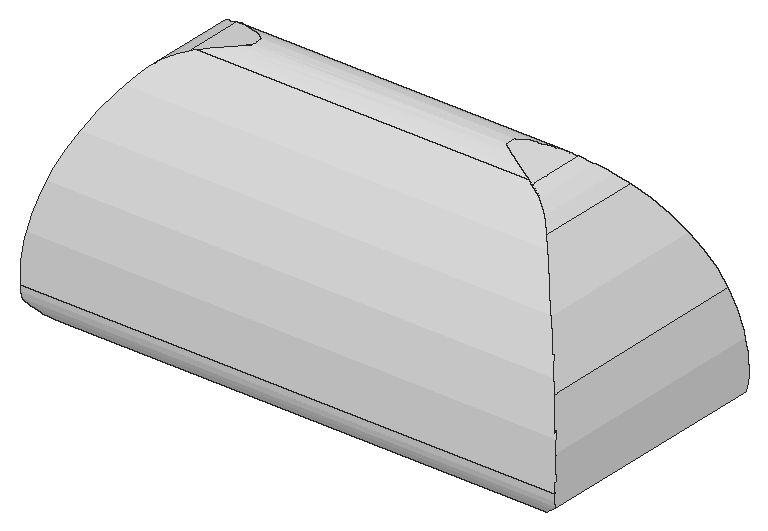
Revit family "FU_Cushion_Sandler_Flow 06001", category Furniture, Revit 2022
Family settings
  OmniClass Number = 23.40.20.00
  OmniClass Title = General Furniture and Specialties
  Work Plane-Based = No
  Always vertical = Yes
  Cut with Voids When Loaded = No
  Render Appearance Source = Family Geometry
  Shared = No
  Room Calculation Point = No
Parameters (values of type "Flow 06001")
  Width = 800 mm
  URL = "https://www.sandlerseating.com/product/flow-06001/"
  Model = "Flow 06001"
  Manufacturer = "Sandler"
  Height = 820 mm
  Description = "A movable backrest for the Flow modular seating series. This short, self-supporting backrest can be repositioned to fit the configuration and guests' comfort. The base is reinforced and covered with non-slip fabric."
  Depth = 360 mm
  Default Elevation = 0 mm
  Cushion [instance] = Fabric - Gravity - Frost CPC32
Reference planes
  plane 1 "Center (Front/Back)": y = 0
  plane 2: z = 0
  plane 3 "Center (Left/Right)": x = 0
  plane 4 "Right": x = -400
  plane 5 "Left": x = 400
  plane 6 "Back": y = 180
  plane 7 "Front": y = -180
  plane 8 "Height": z = 820
  plane 9 "Elevation": z = 440
Forms (mm)
  Sweep 1, solid, material "Fabric - Gravity - Frost CPC32" <- "Cushion"
    path origin (0, 0, 440) x (-1, 0, 0) y (0, -1, 0)
      loop
        line (400, 0) -> (-400, 0)
    profile origin (0, 0, 440) x (0, 1, 0) y (0, 0, 1)
      loop
        arc (-129.953, 5.746) -> (-0.001, 0) -> (129.951, 5.742) r 1472.901
        arc (129.951, 5.742) -> (165.745, 23.474) -> (180.099, 60.75) r 55
        arc (180.099, 60.75) -> (143.178, 228.565) -> (40.341, 366.223) r 407.322
        spline (40.341, 366.223) -> (34.045, 370.373) -> (27.518, 373.807) -> (20.803, 376.503) -> (13.948, 378.441) -> (6.998, 379.61) -> (0, 380) -> (-6.998, 379.61) -> (-13.948, 378.441) -> (-20.803, 376.503) -> (-27.518, 373.807) -> (-34.045, 370.373) -> (-40.341, 366.223)
        arc (-40.341, 366.223) -> (-143.177, 228.567) -> (-180.099, 60.754) r 407.322
        arc (-180.099, 60.754) -> (-165.745, 23.478) -> (-129.953, 5.746) r 55
  Extrusion 2, void
    sketch origin (0, 0, 0) x (1, 0, 0) y (0, 0, 1)
      loop
        arc (-397.17, 480.869) -> (-396.65, 551.257) -> (-383.06, 620.322) r 377.133
        arc (-383.06, 620.322) -> (-351.316, 698.399) -> (-304.915, 768.761) r 428.909
        arc (-304.915, 768.761) -> (-282.256, 789.808) -> (-254.638, 803.723) r 110.115
        arc (-254.638, 803.723) -> (-196.238, 818.322) -> (-136.25, 823.327) r 372.62
        line (-136.25, 823.327) -> (-136.25, 848.327) -> (-416.25, 848.327) -> (-416.25, 413.327) -> (-176.254, 413.327) -> (-176.254, 434.58)
        arc (-176.254, 434.58) -> (-243.713, 437.469) -> (-310.944, 443.722) r 1352.425
        arc (-310.944, 443.722) -> (-357.691, 453.861) -> (-397.17, 480.869) r 124.561
      loop
        arc (397.17, 480.869) -> (357.691, 453.861) -> (310.944, 443.722) r 124.561
        arc (310.944, 443.722) -> (243.713, 437.469) -> (176.254, 434.58) r 1352.425
        line (176.254, 434.58) -> (176.254, 413.327) -> (416.25, 413.327) -> (416.25, 848.327) -> (136.25, 848.327) -> (136.25, 823.327)
        arc (136.25, 823.327) -> (196.238, 818.322) -> (254.638, 803.723) r 372.62
        arc (254.638, 803.723) -> (282.256, 789.808) -> (304.915, 768.761) r 110.115
        arc (304.915, 768.761) -> (351.316, 698.399) -> (383.06, 620.322) r 428.909
        arc (383.06, 620.322) -> (396.65, 551.257) -> (397.17, 480.869) r 377.133
    from -190 to 190
Cuts and joins
  Extrusion 2 cuts Sweep 1
Dimensions and locks
  equal spacing: plane 6 "Back", plane 1 "Center (Front/Back)", plane 7 "Front"
  "Depth": plane 6 "Back" to plane 7 "Front"
  equal spacing: plane 4 "Right", plane 3 "Center (Left/Right)", plane 5 "Left"
  "Width": plane 4 "Right" to plane 5 "Left"
  "Height": plane 8 "Height" to level
  aligned and locked: level to plane 2
Automatic sketch dimensions
  plane 1 "Center (Front/Back)" to Sweep 1 sketch curve = 0 mm
  Sweep 1 sketch curve to plane 5 "Left" = 0 mm
  Sweep 1 sketch curve to plane 4 "Right" = 0 mm
  Sweep 1 sketch curve to profile plane = 0 mm
  profile plane to Sweep 1 sketch curve = 125.1 mm
  Sweep 1 sketch curve to Sweep 1 sketch curve = 102.12 mm  (x2)
  Sweep 1 sketch curve to profile plane = 0.021 mm
  plane 9 "Elevation" to Sweep 1 sketch curve = 60.528 mm
  Sweep 1 sketch curve to profile plane = 125.1 mm
  plane 9 "Elevation" to Sweep 1 sketch curve = 59.104 mm  (x2)
  plane 9 "Elevation" to Sweep 1 sketch curve = 60.531 mm
  Sweep 1 sketch curve to Sweep 1 sketch curve = 1412.37 mm
  profile plane to Sweep 1 sketch curve = 40.341 mm
  profile plane to Sweep 1 sketch curve = 85 mm
  plane 9 "Elevation" to Sweep 1 sketch curve = 5.746 mm
  Sweep 1 sketch curve to Sweep 1 sketch curve = 0 mm  (x3)
  Sweep 1 sketch curve to profile plane = 40.341 mm
  Sweep 1 sketch curve to Sweep 1 sketch curve = 101.223 mm
  Extrusion 2 sketch curve to plane 4 "Right" = 16.25 mm
  plane 4 "Right" to Extrusion 2 sketch curve = 91.593 mm
  Extrusion 2 sketch curve to Extrusion 2 sketch curve = 89.017 mm
  Extrusion 2 sketch curve to plane 9 "Elevation" = 26.673 mm  (x2)
  Extrusion 2 sketch curve to plane 3 "Center (Left/Right)" = 176.254 mm
  Extrusion 2 sketch curve to plane 3 "Center (Left/Right)" = 152.124 mm
  plane 8 "Height" to Extrusion 2 sketch curve = 28.327 mm  (x2)
  Extrusion 2 sketch curve to plane 3 "Center (Left/Right)" = 136.25 mm
  plane 9 "Elevation" to Extrusion 2 sketch curve = 10.709 mm  (x2)
  Extrusion 2 sketch curve to Extrusion 2 sketch curve = 40.891 mm  (x2)
  Extrusion 2 sketch curve to plane 3 "Center (Left/Right)" = 28.214 mm
  Extrusion 2 sketch curve to Extrusion 2 sketch curve = 6.781 mm  (x2)
  plane 3 "Center (Left/Right)" to Extrusion 2 sketch curve = 21.433 mm
  Extrusion 2 sketch curve to Extrusion 2 sketch curve = 107.149 mm
  plane 3 "Center (Left/Right)" to Extrusion 2 sketch curve = 136.25 mm
  plane 3 "Center (Left/Right)" to Extrusion 2 sketch curve = 152.124 mm
  Extrusion 2 sketch curve to Extrusion 2 sketch curve = 83.14 mm
  Extrusion 2 sketch curve to plane 5 "Left" = 91.593 mm
  plane 5 "Left" to Extrusion 2 sketch curve = 16.25 mm
  Extrusion 2 sketch curve to plane 9 "Elevation" = 5.42 mm  (x2)
  plane 9 "Elevation" to Extrusion 2 sketch curve = 58.599 mm
  Extrusion 2 sketch curve to Extrusion 2 sketch curve = 0 mm  (x7)
  Extrusion 2 sketch curve to Extrusion 2 sketch curve = 14.694 mm  (x2)
  plane 9 "Elevation" to Extrusion 2 sketch curve = 128.258 mm  (x2)
  Extrusion 2 sketch curve to plane 8 "Height" = 120.598 mm  (x2)
  plane 8 "Height" to Extrusion 2 sketch curve = 3.327 mm  (x2)
  Extrusion 2 sketch curve to Extrusion 2 sketch curve = 938.462 mm
  plane 4 "Right" to Extrusion 2 sketch curve = 2.83 mm
  Extrusion 2 sketch curve to Extrusion 2 sketch curve = 74.653 mm
  plane 9 "Elevation" to Extrusion 2 sketch curve = 3.722 mm
